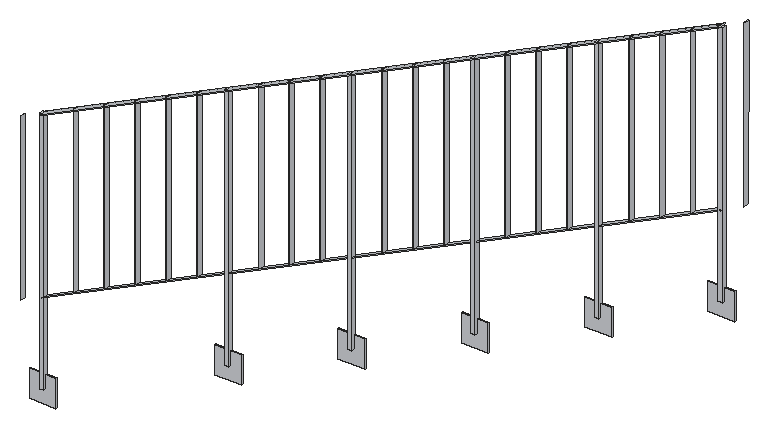
Revit family "AVLN_Ограждение типовое", category Специальное оборудование, Revit 2019
Family settings
  Размер круглого соединителя = Использовать диаметр
  Тип детали = Нормальный
  На основе рабочей плоскости = Нет
  Всегда вертикально = Да
  При загрузке вырезать с полостями = Нет
  Общий = Нет
  Точка расчета площади = Нет
Parameters (values of type "тип 1")
  число стоек = if(Число стоек расчет < 2, 2, Число стоек расчет + 1)  # 4
  справа до стойки = 600 mm
  перепад высоты 1 = tan(Угол_реальный) * Шаг разделительных стоек  # 69.946 mm
  перепад высоты = tan(Угол_реальный) * Длина  # 1538.815 mm
  перепад высота 2 = tan(Угол_реальный) * Смещение крайних стоек  # 51.294 mm
  от 3 до4 стержня = 200 mm
  Ширина проступи = 300 mm
  Шаг разделительных стоек 4 = слева до стойки + Расстояние между стойками * 3 + Шаг разделительных стоек  # 2850 mm
  Шаг разделительных стоек 3 = слева до стойки + Расстояние между стойками * 2 + Шаг разделительных стоек  # 2250 mm
  Шаг разделительных стоек 2 = слева до стойки + Расстояние между стойками + Шаг разделительных стоек  # 1650 mm
  Шаг разделительных стоек 1 = слева до стойки + Шаг разделительных стоек  # 1050 mm
  Шаг разделительных стоек = 150 mm
  Число стоек расчет = (Длина - (слева до стойки + справа до стойки)) / Расстояние между стойками  # 3
  Число разделительных стоек 3 = справа до стойки / Шаг разделительных стоек - 1  # 3
  Число разделительных стоек 2 = Расстояние между стойками / Шаг разделительных стоек - 1  # 3
  Число разделительных стоек 1 = слева до стойки / Шаг разделительных стоек - 1  # 5
  Уклон по углу = yes
  Угол_реальный = if(Уклон по углу, Угол, atan(Высота подступенка / Ширина проступи))  # 25.00°
  Угол = 25.00°
  Стойка последняя = yes
  Стойка первая = yes
  Стойка = направляющие : Прокат_квадрат_20х20
  Стержень_3 = направляющие : Прокат_квадрат_20х20
  Стержень_2 = направляющие : Прокат_квадрат_20х20
  Стержень_1 = направляющие : Прокат_квадрат_20х20
  Стержень 4 = направляющие : Прокат_полоса 25х4
  Смещение стоек по высоте справа = tan(Угол_реальный) * справа до стойки  # 279.785 mm
  Смещение стоек по высоте слева = tan(Угол_реальный) * слева до стойки  # 419.677 mm
  Смещение разделительных стоек 4 = tan(Угол_реальный) * Шаг разделительных стоек 4  # 1328.977 mm
  Смещение разделительных стоек 3 = tan(Угол_реальный) * Шаг разделительных стоек 3  # 1049.192 mm
  Смещение разделительных стоек 2 = tan(Угол_реальный) * Шаг разделительных стоек 2  # 769.408 mm
  Смещение разделительных стоек 1 = tan(Угол_реальный) * Шаг разделительных стоек 1  # 489.623 mm
  Смещение поручня по высоте = tan(Угол_реальный) * Вылет верхнего поручня  # 0 mm
  Смещение крайних стоек = 110 mm
  Расчет [instance] = ""
  Расстояние между стойками = 600 mm
  от поручня до стержня 1 = 200 mm
  от 2 до 3 стержня = 200 mm
  от 1 до 2 стержня = 200 mm
  слева до стойки = 900 mm
  высота поручня от ур.ч.п. = 1000 mm
  смещение вниз от ур.ч.п = 200 mm
  Стоимость = 0
  Расстояние до стены = 0 mm
  Разделительная стойка = направляющие : Прокат_полоса 25х4
  Позиция для ограждения = 0
  Перепад высоты верхнего поручня = tan(Угол_реальный) * (Длина + Вылет верхнего поручня * 2)  # 1538.815 mm
  Мега_массив = число стоек - 1  # 3
  Марка ограждения = ""
  Крепление к стене = Крепление к стене : 130 х 130 х 6_вертикальная
  Комментарии к типоразмеру = "тип 1"
  Keynote = ""
  Manufacturer = ""
  Длина_проверочная = (слева до стойки + справа до стойки) + ((число стоек - 1) * Расстояние между стойками)  # 3300 mm
  Длина гипотенузы верхнего поручня = sqrt(Перепад высоты верхнего поручня ^ 2 + (Длина + Вылет верхнего поручня * 2) ^ 2)  # 3641.147 mm
  Длина гипотенузы = sqrt(перепад высоты ^ 2 + Длина ^ 2)  # 3641.147 mm
  Длина = слева до стойки + справа до стойки + (Расстояние между стойками * 3)  # 3300 mm
  Высота разделительных стоек = от поручня до стержня 1 + от 1 до 2 стержня + от 2 до 3 стержня + от 3 до4 стержня  # 800 mm
  Высота стоек = высота поручня от ур.ч.п. + смещение вниз от ур.ч.п  # 1200 mm
  Высота подступенка = 150 mm
  Высота ограждения [instance] = 1200 mm
  Вылет верхнего поручня = 0 mm
  Видимость_стержень_4 = yes
  Видимость_стержень_3 = no
  Видимость_стержень_2 = no
  Видимость_стержень_1 = no
  Верхний поручень = направляющие : Прокат_полоса_40х4
  URL = ""
  ADSK_Номер секции [instance] = ""
Reference planes
  plane 1 "По центру (Вперед/Назад)": y = 0
  plane 2: z = 0
  plane 3 "Слева": x = 0
  plane 4 "справа до стойки": x = 2700
  plane 5: z = 800
  plane 6: y = 10
  plane 7 "Слева до стойки": x = 900
  plane 8 "справа": x = 3300
  plane 9: z = -200
  plane 10: z = 1000
  plane 11 "2 стерженьь": z = 600
  plane 12 "3 стерженьь": z = 400
  plane 13: z = 1338.815
  plane 14 "1 стержень": z = 2338.815
  plane 15 "поручень": z = 2538.815
  plane 16 "2 стержень": z = 2138.815
  plane 17 "3 стержень": z = 1938.815
  plane 18: z = 1538.815
  plane 19: x = 1800
  plane 20: z = 1059.031
  plane 21: z = 219.677
  plane 22: x = 150
  plane 23: x = 2850
  plane 24 "4стержень": z = 200
  plane 25 "4 стержень": z = 1738.815
  plane 26: y = -10
  plane 27: y = 0
  plane 28: x = 0
  plane 29: z = 1000
  plane 30: x = 3641.147
  plane 31: x = 1050
  plane 32: x = 1650
  plane 33: x = 2250
  plane 34 "Перекладина 1": z = 269.946
  plane 35 "Перекладина 2": z = 689.623
  plane 36 "Перекладина 3": z = 969.408
  plane 37 "Перекладина 4": z = 1249.192
  plane 38 "Перекладина 5": z = 1528.977
  plane 39 "Перекладина 6": z = 339.892
  plane 40 "Перекладина 7": z = 759.569
  plane 41 "Перекладина 8": z = 1039.354
  plane 42 "Перекладина 9": z = 1319.138
  plane 43 "Перекладина 10": z = 1598.923
Lines and regions (mm)
  Masking region 1
    outline origin (750, -2.5, 219.677) x (1, 0, 0) y (0, 1, 0)
      loop
        circle (150, 0) r 10
  Masking region 2, not visible
    outline origin (-50, 0, 0) x (1, 0, 0) y (0, 1, 0)
      loop
        circle (150, 0) r 10
  Masking region 3
    outline origin (2550, -2.5, 1059.031) x (1, 0, 0) y (0, 1, 0)
      loop
        circle (150, 0) r 10
  Masking region 4
    outline origin (1050, 0, -200) x (1, 0, 0) y (0, 1, 0)
      loop
        circle (150, 0) r 10
  Masking region 5
    outline origin (1350, -2.5, 499.461) x (1, 0, 0) y (0, 1, 0)
      loop
        circle (150, 0) r 10
  Masking region 6
    outline origin (1950, -2.5, 779.246) x (1, 0, 0) y (0, 1, 0)
      loop
        circle (150, 0) r 10
  reference lines
    curve 1: line (2700, 0, 1000) -> (0, 0, 1000)
    curve 2: line (0, 0, 1000) -> (3300, 0, 2538.815)
    curve 3: line (3300, 0, 2538.815) -> (3278.869, 0, 2584.131)
    curve 4: line (0, 0, 800) -> (2700, 0, 800)
    curve 5: line (0, 0, 600) -> (2700, 0, 600)
    curve 6: line (0, 0, 400) -> (2700, 0, 400)
    curve 7: line (0, 0, 800) -> (3300, 0, 2338.815)
    curve 8: line (0, 0, 600) -> (3300, 0, 2138.815)
    curve 9: line (3300, 0, 2338.815) -> (3278.869, 0, 2384.131)
    curve 10: line (3300, 0, 2138.815) -> (3278.869, 0, 2184.131)
    curve 11: line (0, 0, 400) -> (3300, 0, 1938.815)
    curve 12: line (3300, 0, 1938.815) -> (3278.869, 0, 1984.131)
    curve 13: line (0, 0, 200) -> (2700, 0, 200)
    curve 14: line (0, 0, 200) -> (3300, 0, 1738.815)
    curve 15: line (3300, 0, 1738.815) -> (3278.869, 0, 1784.131)
  symbolic lines, style "SpecialityEquipment"
    curve 16: line (0, 0, 2538.815) -> (3641.147, 0, 2538.815)
  symbolic lines
    curve 17: circle (900, -2.5, -1218.809) r 10 normal (0, 0, 1)
    curve 19: circle (2700, -2.5, -379.455) r 10 normal (0, 0, 1)
    curve 20: circle (1200, 0, -1638.486) r 10 normal (0, 0, 1)
    curve 21: circle (1500, -2.5, -939.024) r 10 normal (0, 0, 1)
    curve 22: circle (2100, -2.5, -659.24) r 10 normal (0, 0, 1)
  symbolic lines, not visible
    curve 18: circle (100, 0, -1438.486) r 10 normal (0, 0, 1)
Dimensions and locks
  plane 6 to plane 1 "По центру (Вперед/Назад)" = 10 mm
  "Длина": plane 8 "справа" to plane 3 "Слева"
  "слева до стойки": plane 7 "Слева до стойки" to plane 3 "Слева"
  plane 1 "По центру (Вперед/Назад)" to plane 6 = 10 mm
  "справа до стойки": plane 8 "справа" to plane 4 "справа до стойки"
  "высота поручня от ур.ч.п.": plane 10 to level
  "смещение вниз от ур.ч.п": plane 2 to plane 9
  "от поручня до стержня 1": plane 10 to plane 5
  "от 1 до 2 стержня": plane 5 to plane 11 "2 стерженьь"
  "от 2 до 3 стержня": plane 11 "2 стерженьь" to plane 12 "3 стерженьь"
  equal spacing: group 1, group 9, group 12, group 2  (x3)
  "Высота ограждения": plane 10 to plane 9
  "высота поручня от ур.ч.п.": plane 15 "поручень" to plane 18
  "от поручня до стержня 1": plane 15 "поручень" to plane 14 "1 стержень"
  "от 1 до 2 стержня": plane 14 "1 стержень" to plane 16 "2 стержень"
  "от 2 до 3 стержня": plane 16 "2 стержень" to plane 17 "3 стержень"
  "смещение вниз от ур.ч.п": plane 18 to plane 13
  equal spacing: plane 4 "справа до стойки", plane 19, plane 7 "Слева до стойки"
  "Длина гипотенузы верхнего поручня": curve 2 to curve 2
  "перепад высоты": plane 15 "поручень" to plane 10
  "Смещение стоек по высоте справа": plane 13 to plane 20
  "Смещение стоек по высоте слева": plane 21 to plane 9
  locked: curve 3 to curve 3 at 50
  locked: curve 9 to curve 9 at 50
  locked: curve 10 to curve 10 at 50
  locked: curve 12 to curve 12 at 50
  "Длина гипотенузы": curve 9 to curve 7
  "Длина гипотенузы": curve 10 to curve 8
  "Длина гипотенузы": curve 12 to curve 11
  equal spacing: group 3, group 10, group 13, group 4  (x3)
  locked: curve 15 to curve 15 at 50
  "от 3 до4 стержня": plane 17 "3 стержень" to plane 25 "4 стержень"
  "Длина гипотенузы": curve 15 to nested 9
  "от 3 до4 стержня": plane 12 "3 стерженьь" to plane 24 "4стержень"
  equal spacing: plane 26, plane 1 "По центру (Вперед/Назад)", plane 6
  locked: plane 26 to plane 6 at 20
  "Расстояние до стены": plane 27 to plane 1 "По центру (Вперед/Назад)"
  "Вылет верхнего поручня": plane 28 to plane 3 "Слева"
  "Смещение поручня по высоте": plane 10 to plane 29
  "Длина гипотенузы верхнего поручня": plane 28 to plane 30
  "Шаг разделительных стоек": plane 22 to plane 3 "Слева"
  equal spacing: group 15, group 16, group 25, group 30, group 31  (x3)
  "Шаг разделительных стоек": plane 31 to plane 7 "Слева до стойки"
  equal spacing: group 17, group 18, group 26  (x3)
  "Шаг разделительных стоек": plane 23 to plane 4 "справа до стойки"
  equal spacing: group 19, group 20, group 27  (x3)
  "Шаг разделительных стоек": nested 23 to plane 32
  equal spacing: group 21, group 22, group 28  (x3)
  equal spacing: group 23, group 24, group 29  (x3)
  "Шаг разделительных стоек": nested 25 to plane 33
  "Шаг разделительных стоек": nested 19 to plane 22
  "Шаг разделительных стоек": nested 21 to plane 31
  "Шаг разделительных стоек": plane 23 to nested 27
  "перепад высоты 1": plane 39 "Перекладина 6" to plane 34 "Перекладина 1"
  "перепад высоты 1": plane 40 "Перекладина 7" to plane 35 "Перекладина 2"
  "перепад высоты 1": plane 41 "Перекладина 8" to plane 36 "Перекладина 3"
  "перепад высоты 1": plane 42 "Перекладина 9" to plane 37 "Перекладина 4"
  "перепад высоты 1": plane 43 "Перекладина 10" to plane 38 "Перекладина 5"
  "перепад высоты 1": plane 34 "Перекладина 1" to plane 24 "4стержень"
  "Шаг разделительных стоек 1": plane 31 to plane 3 "Слева"
  "Шаг разделительных стоек 2": plane 32 to plane 3 "Слева"
  "Шаг разделительных стоек 3": plane 33 to plane 3 "Слева"
  "Шаг разделительных стоек 4": plane 23 to plane 3 "Слева"
  "Смещение разделительных стоек 1": plane 35 "Перекладина 2" to plane 24 "4стержень"
  "Смещение разделительных стоек 2": plane 36 "Перекладина 3" to plane 24 "4стержень"
  "Смещение разделительных стоек 3": plane 37 "Перекладина 4" to plane 24 "4стержень"
  "Смещение разделительных стоек 4": plane 38 "Перекладина 5" to plane 24 "4стержень"
  "Смещение крайних стоек": plane 3 "Слева" to nested 35
  "Смещение крайних стоек": nested 36 to plane 8 "справа"
  "перепад высота 2": nested 36 to plane 25 "4 стержень"
  "перепад высота 2": plane 10 to nested 35
  "Угол_реальный": angle curve 1 to curve 2
  locked: curve 3 to curve 2 (angle 90.00°)
  locked: curve 9 to curve 7 (angle 90.00°)
  locked: curve 10 to curve 8 (angle 90.00°)
  locked: curve 12 to curve 11 (angle 90.00°)
  "Угол_реальный": angle curve 4 to curve 7
  "Угол_реальный": angle curve 5 to curve 8
  "Угол_реальный": angle curve 6 to curve 11
  locked: curve 15 to curve 14 (angle 90.00°)
  "Угол_реальный": angle curve 13 to curve 14
  aligned and locked: level to plane 2
  aligned and locked: plane 7 "Слева до стойки" to nested 2
  aligned and locked: plane 4 "справа до стойки" to nested 4
  aligned and locked: nested 1 to curve 2
  aligned and locked: nested 1 to curve 3
  aligned and locked: curve 4 to plane 5
  aligned and locked: curve 5 to plane 11 "2 стерженьь"
  aligned and locked: nested 5 to curve 7
  aligned and locked: nested 6 to curve 8
  aligned and locked: nested 7 to curve 11
  aligned and locked: nested 7 to curve 12
  aligned and locked: nested 6 to curve 10
  aligned and locked: nested 5 to curve 9
  aligned and locked: plane 1 "По центру (Вперед/Назад)" to nested 1
  aligned and locked: plane 4 "справа до стойки" to nested 8
  aligned and locked: plane 20 to nested 8
  aligned and locked: nested 3 to plane 1 "По центру (Вперед/Назад)"
  aligned and locked: nested 8 to plane 1 "По центру (Вперед/Назад)"
  aligned and locked: curve 13 to plane 24 "4стержень"
  aligned and locked: nested 9 to curve 14  (x2)
  aligned and locked: nested 9 to curve 15
  aligned and locked: plane 1 "По центру (Вперед/Назад)" to curve 16
  aligned and locked: plane 7 "Слева до стойки" to curve 17
  aligned and locked: plane 8 "справа" to curve 15
  aligned and locked: curve 6 to plane 12 "3 стерженьь"
  aligned and locked: nested 3 to plane 21
  aligned and locked: nested 2 to plane 21
  aligned and locked: plane 20 to nested 4
  aligned and locked: plane 7 "Слева до стойки" to nested 3
  aligned and locked: plane 27 to nested 2
  aligned and locked: nested 4 to plane 27
  aligned and locked: curve 1 to plane 29
  aligned and locked: plane 28 to curve 1
  aligned and locked: plane 28 to curve 16
  aligned and locked: plane 30 to curve 16
  aligned and locked: plane 8 "справа" to nested 11
  aligned and locked: plane 8 "справа" to nested 10
  aligned and locked: plane 10 to nested 13
  aligned and locked: plane 9 to nested 13
  aligned and locked: nested 12 to plane 9
  aligned and locked: plane 3 "Слева" to nested 13
  aligned and locked: plane 3 "Слева" to nested 12
  aligned and locked: nested 10 to nested 11
  aligned and locked: nested 11 to plane 13
  aligned and locked: plane 13 to nested 10
  aligned and locked: plane 22 to nested 18
  aligned and locked: plane 31 to nested 20
  aligned and locked: plane 32 to nested 22
  aligned and locked: plane 33 to nested 24
  aligned and locked: plane 23 to nested 26  (x2)
  aligned and locked: plane 34 "Перекладина 1" to nested 18
  aligned and locked: plane 35 "Перекладина 2" to nested 20
  aligned and locked: plane 36 "Перекладина 3" to nested 22
  aligned and locked: plane 37 "Перекладина 4" to nested 24
  aligned and locked: plane 38 "Перекладина 5" to nested 26
  aligned and locked: plane 43 "Перекладина 10" to nested 27
  aligned and locked: plane 42 "Перекладина 9" to nested 25
  aligned and locked: plane 41 "Перекладина 8" to nested 23
  aligned and locked: plane 39 "Перекладина 6" to nested 19
  aligned and locked: plane 40 "Перекладина 7" to nested 21
Automatic sketch dimensions
  curve 5 to plane 3 "Слева" = 0 mm
  curve 14 to plane 3 "Слева" = 0 mm
  curve 4 to plane 3 "Слева" = 0 mm
  curve 11 to plane 3 "Слева" = 0 mm
  radius of Masking region 1 sketch curve = 10 mm
  radius of Masking region 2 sketch curve = 10 mm
  radius of Masking region 3 sketch curve = 10 mm
  radius of Masking region 4 sketch curve = 10 mm
  radius of Masking region 5 sketch curve = 10 mm
  radius of Masking region 6 sketch curve = 10 mm
Nested families
  nested 1: "направляющие" at (3300, -20, 2538.815) x (-0.9063, 0, -0.4226) z (0, -1, 0), type <- "Верхний поручень", Длина <- "Длина гипотенузы верхнего поручня", Марка ограждения <- "Марка ограждения", ADSK_Номер секции <- "ADSK_Номер секции", Расчет <- "Расчет", type "Прокат_полоса_40х4", detail levels fine
    with Расчет "", Марка ограждения "", Длина 3641.147 mm, ADSK_Номер секции "", Ширина 4 mm, Труба_квадрат yes, Прокат_квадрат no, Высота/Диаметр 40 mm
  nested 2: "Крепление к стене" at (900, 6, 154.677), type <- "Крепление к стене", ADSK_Номер секции <- "ADSK_Номер секции", Марка ограждения <- "Марка ограждения", Расчет <- "Расчет", type "130 х 130 х 6_вертикальная"
    with Расчет "", Марка ограждения "", ADSK_Номер секции "", Толщина 6 mm
  nested 3: "направляющие" at (900, -10, 219.677) x (0, 0, 1) z (0, -1, 0), Длина <- "Высота стоек", type <- "Стойка", ADSK_Номер секции <- "ADSK_Номер секции", Марка ограждения <- "Марка ограждения", Расчет <- "Расчет", type "Прокат_квадрат_20х20"
    with Расчет "", Марка ограждения "", Длина 1200 mm, ADSK_Номер секции ""
  nested 4: "Крепление к стене" at (2700, 6, 994.031), type <- "Крепление к стене", ADSK_Номер секции <- "ADSK_Номер секции", Марка ограждения <- "Марка ограждения", Расчет <- "Расчет", type "130 х 130 х 6_вертикальная"
    with Расчет "", Марка ограждения "", ADSK_Номер секции "", Толщина 6 mm
  nested 5: "направляющие" at (3300, -7.5, 2338.815) x (-0.9063, 0, -0.4226) z (0, -1, 0), type <- "Стержень_1", Длина <- "Длина гипотенузы", visible <- "Видимость_стержень_1", Марка ограждения <- "Марка ограждения", ADSK_Номер секции <- "ADSK_Номер секции", Расчет <- "Расчет", type "Прокат_квадрат_20х20"
    with Расчет "", Марка ограждения "", Длина 3641.147 mm, ADSK_Номер секции ""
  nested 6: "направляющие" at (3300, -7.5, 2138.815) x (-0.9063, 0, -0.4226) z (0, -1, 0), type <- "Стержень_2", Длина <- "Длина гипотенузы", visible <- "Видимость_стержень_2", Марка ограждения <- "Марка ограждения", ADSK_Номер секции <- "ADSK_Номер секции", Расчет <- "Расчет", type "Прокат_квадрат_20х20"
    with Расчет "", Марка ограждения "", Длина 3641.147 mm, ADSK_Номер секции ""
  nested 7: "направляющие" at (3300, -7.5, 1938.815) x (-0.9063, 0, -0.4226) z (0, -1, 0), type <- "Стержень_3", Длина <- "Длина гипотенузы", visible <- "Видимость_стержень_3", Марка ограждения <- "Марка ограждения", ADSK_Номер секции <- "ADSK_Номер секции", Расчет <- "Расчет", type "Прокат_квадрат_20х20"
    with Расчет "", Марка ограждения "", Длина 3641.147 mm, ADSK_Номер секции ""
  nested 8: "направляющие" at (2700, -10, 1059.031) x (0, 0, 1) z (0, -1, 0), Длина <- "Высота стоек", type <- "Стойка", ADSK_Номер секции <- "ADSK_Номер секции", Марка ограждения <- "Марка ограждения", Расчет <- "Расчет", type "Прокат_квадрат_20х20"
    with Расчет "", Марка ограждения "", Длина 1200 mm, ADSK_Номер секции ""
  nested 9: "направляющие" at (3300, -7.5, 1738.815) x (-0.9063, 0, -0.4226) z (0, -1, 0), type <- "Стержень 4", Длина <- "Длина гипотенузы", visible <- "Видимость_стержень_4", Марка ограждения <- "Марка ограждения", ADSK_Номер секции <- "ADSK_Номер секции", Расчет <- "Расчет", type "Прокат_полоса 25х4"
    with Расчет "", Марка ограждения "", Длина 3641.147 mm, ADSK_Номер секции "", Ширина 4 mm, Высота/Диаметр 25 mm
  nested 10: "Крепление к стене" at (3300, 6, 1273.815), type <- "Крепление к стене", ADSK_Номер секции <- "ADSK_Номер секции", Марка ограждения <- "Марка ограждения", Расчет <- "Расчет", visible <- "Стойка первая", type "130 х 130 х 6_вертикальная"
    with Расчет "", Марка ограждения "", ADSK_Номер секции "", Толщина 6 mm
  nested 11: "направляющие" at (3300, -7.5, 1338.815) x (0, 0, 1) z (0, -1, 0), Длина <- "Высота стоек", type <- "Стойка", ADSK_Номер секции <- "ADSK_Номер секции", Марка ограждения <- "Марка ограждения", Расчет <- "Расчет", visible <- "Стойка первая", type "Прокат_квадрат_20х20"
    with Расчет "", Марка ограждения "", Длина 1200 mm, ADSK_Номер секции ""
  nested 12: "Крепление к стене" at (0, 6, -265), type <- "Крепление к стене", ADSK_Номер секции <- "ADSK_Номер секции", Марка ограждения <- "Марка ограждения", Расчет <- "Расчет", visible <- "Стойка последняя", type "130 х 130 х 6_вертикальная"
    with Расчет "", Марка ограждения "", ADSK_Номер секции "", Толщина 6 mm
  nested 13: "направляющие" at (0, -7.5, -200) x (0, 0, 1) z (0, -1, 0), Длина <- "Высота стоек", type <- "Стойка", ADSK_Номер секции <- "ADSK_Номер секции", Марка ограждения <- "Марка ограждения", Расчет <- "Расчет", visible <- "Стойка последняя", type "Прокат_квадрат_20х20"
    with Расчет "", Марка ограждения "", Длина 1200 mm, ADSK_Номер секции ""
  nested 14: "Крепление к стене" at (1500, 6, 434.461), type <- "Крепление к стене", ADSK_Номер секции <- "ADSK_Номер секции", Марка ограждения <- "Марка ограждения", Расчет <- "Расчет", type "130 х 130 х 6_вертикальная"
    with Расчет "", Марка ограждения "", ADSK_Номер секции "", Толщина 6 mm
  nested 15: "направляющие" at (1500, -10, 499.461) x (0, 0, 1) z (0, -1, 0), Длина <- "Высота стоек", type <- "Стойка", ADSK_Номер секции <- "ADSK_Номер секции", Марка ограждения <- "Марка ограждения", Расчет <- "Расчет", type "Прокат_квадрат_20х20"
    with Расчет "", Марка ограждения "", Длина 1200 mm, ADSK_Номер секции ""
  nested 16: "Крепление к стене" at (2100, 6, 714.246), type <- "Крепление к стене", ADSK_Номер секции <- "ADSK_Номер секции", Марка ограждения <- "Марка ограждения", Расчет <- "Расчет", type "130 х 130 х 6_вертикальная"
    with Расчет "", Марка ограждения "", ADSK_Номер секции "", Толщина 6 mm
  nested 17: "направляющие" at (2100, -10, 779.246) x (0, 0, 1) z (0, -1, 0), Длина <- "Высота стоек", type <- "Стойка", ADSK_Номер секции <- "ADSK_Номер секции", Марка ограждения <- "Марка ограждения", Расчет <- "Расчет", type "Прокат_квадрат_20х20"
    with Расчет "", Марка ограждения "", Длина 1200 mm, ADSK_Номер секции ""
  nested 18: "направляющие" at (150, 0, 269.946) x (0, 0, 1) z (0, -1, 0), Длина <- "Высота разделительных стоек", type <- "Разделительная стойка", type "Прокат_полоса 25х4"
    with Расчет "", Марка ограждения "", Длина 800 mm, ADSK_Номер секции "", Ширина 4 mm, Высота/Диаметр 25 mm
  nested 19: "направляющие" at (300, 0, 339.892) x (0, 0, 1) z (0, -1, 0), Длина <- "Высота разделительных стоек", type <- "Разделительная стойка", type "Прокат_полоса 25х4"
    with Расчет "", Марка ограждения "", Длина 800 mm, ADSK_Номер секции "", Ширина 4 mm, Высота/Диаметр 25 mm
  nested 20: "направляющие" at (1050, 0, 689.623) x (0, 0, 1) z (0, -1, 0), Длина <- "Высота разделительных стоек", type <- "Разделительная стойка", type "Прокат_полоса 25х4"
    with Расчет "", Марка ограждения "", Длина 800 mm, ADSK_Номер секции "", Ширина 4 mm, Высота/Диаметр 25 mm
  nested 21: "направляющие" at (1200, 0, 759.569) x (0, 0, 1) z (0, -1, 0), Длина <- "Высота разделительных стоек", type <- "Разделительная стойка", type "Прокат_полоса 25х4"
    with Расчет "", Марка ограждения "", Длина 800 mm, ADSK_Номер секции "", Ширина 4 mm, Высота/Диаметр 25 mm
  nested 22: "направляющие" at (1650, 0, 969.408) x (0, 0, 1) z (0, -1, 0), Длина <- "Высота разделительных стоек", type <- "Разделительная стойка", type "Прокат_полоса 25х4"
    with Расчет "", Марка ограждения "", Длина 800 mm, ADSK_Номер секции "", Ширина 4 mm, Высота/Диаметр 25 mm
  nested 23: "направляющие" at (1800, 0, 1039.354) x (0, 0, 1) z (0, -1, 0), Длина <- "Высота разделительных стоек", type <- "Разделительная стойка", type "Прокат_полоса 25х4"
    with Расчет "", Марка ограждения "", Длина 800 mm, ADSK_Номер секции "", Ширина 4 mm, Высота/Диаметр 25 mm
  nested 24: "направляющие" at (2250, 0, 1249.192) x (0, 0, 1) z (0, -1, 0), Длина <- "Высота разделительных стоек", type <- "Разделительная стойка", type "Прокат_полоса 25х4"
    with Расчет "", Марка ограждения "", Длина 800 mm, ADSK_Номер секции "", Ширина 4 mm, Высота/Диаметр 25 mm
  nested 25: "направляющие" at (2400, 0, 1319.138) x (0, 0, 1) z (0, -1, 0), Длина <- "Высота разделительных стоек", type <- "Разделительная стойка", type "Прокат_полоса 25х4"
    with Расчет "", Марка ограждения "", Длина 800 mm, ADSK_Номер секции "", Ширина 4 mm, Высота/Диаметр 25 mm
  nested 26: "направляющие" at (2850, 0, 1528.977) x (0, 0, 1) z (0, -1, 0), Длина <- "Высота разделительных стоек", type <- "Разделительная стойка", type "Прокат_полоса 25х4"
    with Расчет "", Марка ограждения "", Длина 800 mm, ADSK_Номер секции "", Ширина 4 mm, Высота/Диаметр 25 mm
  nested 27: "направляющие" at (3000, 0, 1598.923) x (0, 0, 1) z (0, -1, 0), Длина <- "Высота разделительных стоек", type <- "Разделительная стойка", type "Прокат_полоса 25х4"
    with Расчет "", Марка ограждения "", Длина 800 mm, ADSK_Номер секции "", Ширина 4 mm, Высота/Диаметр 25 mm
  nested 28: "направляющие" at (450, 0, 409.838) x (0, 0, 1) z (0, -1, 0), Длина <- "Высота разделительных стоек", type <- "Разделительная стойка", type "Прокат_полоса 25х4"
    with Расчет "", Марка ограждения "", Длина 800 mm, ADSK_Номер секции "", Ширина 4 mm, Высота/Диаметр 25 mm
  nested 29: "направляющие" at (1350, 0, 829.515) x (0, 0, 1) z (0, -1, 0), Длина <- "Высота разделительных стоек", type <- "Разделительная стойка", type "Прокат_полоса 25х4"
    with Расчет "", Марка ограждения "", Длина 800 mm, ADSK_Номер секции "", Ширина 4 mm, Высота/Диаметр 25 mm
  nested 30: "направляющие" at (1950, 0, 1109.3) x (0, 0, 1) z (0, -1, 0), Длина <- "Высота разделительных стоек", type <- "Разделительная стойка", type "Прокат_полоса 25х4"
    with Расчет "", Марка ограждения "", Длина 800 mm, ADSK_Номер секции "", Ширина 4 mm, Высота/Диаметр 25 mm
  nested 31: "направляющие" at (2550, 0, 1389.085) x (0, 0, 1) z (0, -1, 0), Длина <- "Высота разделительных стоек", type <- "Разделительная стойка", type "Прокат_полоса 25х4"
    with Расчет "", Марка ограждения "", Длина 800 mm, ADSK_Номер секции "", Ширина 4 mm, Высота/Диаметр 25 mm
  nested 32: "направляющие" at (3150, 0, 1668.869) x (0, 0, 1) z (0, -1, 0), Длина <- "Высота разделительных стоек", type <- "Разделительная стойка", type "Прокат_полоса 25х4"
    with Расчет "", Марка ограждения "", Длина 800 mm, ADSK_Номер секции "", Ширина 4 mm, Высота/Диаметр 25 mm
  nested 33: "направляющие" at (600, 0, 479.785) x (0, 0, 1) z (0, -1, 0), Длина <- "Высота разделительных стоек", type <- "Разделительная стойка", type "Прокат_полоса 25х4"
    with Расчет "", Марка ограждения "", Длина 800 mm, ADSK_Номер секции "", Ширина 4 mm, Высота/Диаметр 25 mm
  nested 34: "направляющие" at (750, 0, 549.731) x (0, 0, 1) z (0, -1, 0), Длина <- "Высота разделительных стоек", type <- "Разделительная стойка", type "Прокат_полоса 25х4"
    with Расчет "", Марка ограждения "", Длина 800 mm, ADSK_Номер секции "", Ширина 4 mm, Высота/Диаметр 25 mm
  nested 35: "направляющие" at (-108, 0, 148.706) x (0, 0, 1) z (0, -1, 0), Длина <- "Высота разделительных стоек", type <- "Разделительная стойка", type "Прокат_полоса 25х4"
    with Расчет "", Марка ограждения "", Длина 800 mm, ADSK_Номер секции "", Ширина 4 mm, Высота/Диаметр 25 mm
  nested 36: "направляющие" at (3408, 0, 1790.109) x (0, 0, 1) z (0, -1, 0), Длина <- "Высота разделительных стоек", type <- "Разделительная стойка", type "Прокат_полоса 25х4"
    with Расчет "", Марка ограждения "", Длина 800 mm, ADSK_Номер секции "", Ширина 4 mm, Высота/Диаметр 25 mm
Definition of nested family "направляющие"
  Parameters (values of type "Прокат_полоса 25х4")
    Ширина = 25 mm
    Число = 0 mm
    Труба_круг = no
    Труба_квадрат = no
    Толщина стенки трубы = 1 mm
    Расчет [instance] = ""
    Прокат_круг = no
    Прокат_квадрат = yes
    Позиция для ограждения = 0
    Default Elevation = 1219.2 mm
    Масса = 0.00 kg
    Марка ограждения [instance] = ""
    Высота/Диаметр = 4 mm
    Description = "ОГ"
    Длина [instance] = 1150 mm
    ADSK_Номер секции [instance] = ""
  Types (5, lengths in mm): name | Ширина | Труба_круг | Труба_квадрат | Толщина стенки трубы | Прокат_круг | Прокат_квадрат | Высота/Диаметр
    Труба_квадрат_40х100 | 40 | no | yes | 2.5 | no | no | 100
    Труба_круг_50х2.5 | 15 | yes | no | 1 | no | no | 50
    Прокат_круг_20х2,5 | 15 | no | no | 2.5 | yes | no | 20
    Прокат_квадрат_20х20 | 20 | no | no | 2.5 | no | yes | 20
    Прокат_полоса 25х4 | 25 | no | no | 1 | no | yes | 4
  Reference planes
    plane 1 "По центру (Вперед/Назад)": y = 0
    plane 2: z = 0
    plane 3 "По центру (Влево/Вправо)": x = 0
    plane 4: x = 1150
    plane 5: z = -4
    plane 6: z = -2
    plane 7: y = -12.5
    plane 8: y = 12.5
    plane 9: x = 575
  Forms (mm)
    Sweep 1, solid, visible <- "Труба_круг"
      path in 3D
        loop
          line (0, 0, 0) -> (1150, 0, 0)
      profile "круглый профиль_полый : Круглый профиль_полый" origin (575, 0, 0) x (0, 1, 0) y (0, 0, 1)
        loop
          circle (0, -2) r 1
        loop
          circle (0, -2) r 2
    Sweep 2, solid, visible <- "Труба_квадрат"
      path in 3D
        loop
          line (0, 0, 0) -> (1150, 0, 0)
      profile "квадратный профиль_полый : Круглый профиль_полый" origin (575, 0, 0) x (0, 1, 0) y (0, 0, 1)
        loop
          line (-11.5, -1) -> (-11.5, -3) -> (11.5, -3) -> (11.5, -1) -> (-11.5, -1)
        loop
          line (-12.5, 0) -> (-12.5, -4) -> (12.5, -4) -> (12.5, 0) -> (-12.5, 0)
    Sweep 3, solid, visible <- "Прокат_квадрат"
      path in 3D
        loop
          line (0, 0, 0) -> (1150, 0, 0)
      profile "квадратный профиль : Круглый профиль_полый" origin (575, 0, 0) x (0, 1, 0) y (0, 0, 1)
        loop
          line (-12.5, 0) -> (-12.5, -4) -> (12.5, -4) -> (12.5, 0) -> (-12.5, 0)
    Sweep 4, solid, visible <- "Прокат_круг"
      path in 3D
        loop
          line (0, 0, 0) -> (1150, 0, 0)
      profile "круглый профиль : Круглый профиль_полый" origin (575, 0, 0) x (0, 1, 0) y (0, 0, 1)
        loop
          circle (0, -2) r 2
  Lines and regions (mm)
    reference lines
      curve 1: line (0, 0, 0) -> (0, 0, -4)
      curve 2: line (0, -7.5, 0) -> (0, 7.5, 0)
      curve 3: line (0, 0, 0) -> (1150, 0, 0)
      curve 4: line (0, -12.5, -2) -> (0, 12.5, -2)
      curve 5: line (0, 0, -2) -> (1150, 0, -2)
      curve 6: line (0, -12.5, 0) -> (0, 12.5, 0)
      curve 7: line (0, -12.5, -4) -> (0, -12.5, 0)
      curve 8: line (0, 12.5, -4) -> (0, -12.5, -4)
      curve 9: line (0, 12.5, 0) -> (0, 12.5, -4)
      curve 10: line (0, 0, -4) -> (1150, 0, -4)
    sketch lines
      curve 11: line (0, 0, 0) -> (1150, 0, 0)
      curve 12: line (0, 0, 0) -> (1150, 0, 0)
      curve 13: line (0, 0, 0) -> (1150, 0, 0)
      curve 14: line (0, 0, 0) -> (1150, 0, 0)
  Dimensions and locks
    "Длина": plane 4 to plane 3 "По центру (Влево/Вправо)"
    "Ширина": plane 7 to plane 8
    "Высота/Диаметр": plane 2 to plane 5
    equal spacing: plane 2, plane 6, plane 5
    equal spacing: plane 7, plane 1 "По центру (Вперед/Назад)", plane 8
    equal spacing: plane 3 "По центру (Влево/Вправо)", plane 9, plane 4
    aligned and locked: level to plane 2
    aligned and locked: plane 1 "По центру (Вперед/Назад)" to curve 1
    aligned and locked: curve 2 to plane 2
    aligned and locked: plane 3 "По центру (Влево/Вправо)" to curve 3
    aligned and locked: plane 4 to curve 3
    aligned and locked: plane 1 "По центру (Вперед/Назад)" to curve 3
    aligned and locked: curve 4 to plane 6
    aligned and locked: plane 8 to curve 4
    aligned and locked: plane 7 to curve 4
    aligned and locked: plane 5 to curve 1
    aligned and locked: plane 2 to curve 1
    aligned and locked: plane 2 to curve 3  (x2)
    aligned and locked: plane 3 "По центру (Влево/Вправо)" to curve 5
    aligned and locked: plane 4 to curve 5
    aligned and locked: curve 5 to plane 6
    aligned and locked: plane 7 to curve 7
    aligned and locked: plane 5 to curve 8
    aligned and locked: curve 9 to plane 8
    aligned and locked: curve 6 to plane 2
    aligned and locked: curve 1 to curve 10
    aligned and locked: Sweep 1 to curve 10
    aligned and locked: curve 10 to plane 5
    aligned and locked: plane 1 "По центру (Вперед/Назад)" to curve 5  (x3)
    aligned and locked: plane 6 to curve 5  (x2)
    aligned and locked: plane 3 "По центру (Влево/Вправо)" to Sweep 2
    aligned and locked: Sweep 2 to plane 4
    aligned and locked: plane 3 "По центру (Влево/Вправо)" to curve 6
    aligned and locked: plane 4 to Sweep 2  (x2)
    aligned and locked: plane 3 "По центру (Влево/Вправо)" to Sweep 1
    aligned and locked: Sweep 1 to plane 4
    aligned and locked: Sweep 4 to plane 4
    aligned and locked: plane 3 "По центру (Влево/Вправо)" to Sweep 4
    aligned and locked: plane 3 "По центру (Влево/Вправо)" to Sweep 3
    aligned and locked: Sweep 3 to plane 4
  Automatic sketch dimensions
    plane 7 to curve 2 = 5 mm
    curve 2 to plane 8 = 5 mm
    plane 4 to curve 10 = 0 mm
Definition of nested family "Крепление к стене"
  Parameters (values of type "130 х 130 х 6_вертикальная")
    Ширина = 130 mm
    Число = 0 mm
    Толщина = 20 mm
    Расчет [instance] = ""
    Позиция для ограждения = 0
    Description = "ОГ"
    Масса = 15.00 kg
    Марка ограждения [instance] = ""
    Длина = 130 mm
    Горизонтальная = no
    Вертикальная = not(Горизонтальная)  # yes
    ADSK_Номер секции [instance] = ""
  Types (2, lengths in mm): name | Толщина
    60х200 х 6_Горизонтальная | 85
    130 х 130 х 6_вертикальная | 20
  Reference planes
    plane 1 "По центру (Вперед/Назад)": y = 0
    plane 2: z = 0
    plane 3 "По центру (Влево/Вправо)": x = 0
    plane 4: z = 85
    plane 5: z = 130
    plane 6: y = -20
    plane 7: x = -65
    plane 8: x = 65
    plane 9: z = 65
  Forms (mm)
    Extrusion 1, solid, visible <- "Горизонтальная"
      sketch origin (0, 0, 0) x (1, 0, 0) y (0, 1, 0)
        loop
          line (-65, 65) -> (-65, -65) -> (65, -65) -> (65, 65) -> (-65, 65)
      from 65 to 85
    Extrusion 2, solid, visible <- "Вертикальная"
      sketch origin (0, 0, 0) x (1, 0, 0) y (0, 0, 1)
        loop
          line (-65, 130) -> (-65, 0) -> (65, 0) -> (65, 130) -> (-65, 130)
      from 0 to 20
  Dimensions and locks
    plane 9 to plane 4 = 20 mm
    equal spacing: Extrusion 1 sketch curve, plane 1 "По центру (Вперед/Назад)", Extrusion 1 sketch curve
    equal spacing: Extrusion 1 sketch curve, plane 3 "По центру (Влево/Вправо)", Extrusion 1 sketch curve
    plane 1 "По центру (Вперед/Назад)" to Extrusion 1 sketch curve = 65 mm
    plane 3 "По центру (Влево/Вправо)" to Extrusion 1 sketch curve = 65 mm
    "Ширина": Extrusion 1 to Extrusion 1
    "Длина": Extrusion 1 to Extrusion 1
    "Толщина": plane 6 to plane 1 "По центру (Вперед/Назад)"
    "Ширина": plane 8 to plane 7
    equal spacing: plane 8, plane 3 "По центру (Влево/Вправо)", plane 7
    "Длина": plane 5 to plane 2
    equal spacing: plane 5, plane 9, plane 2
    "Толщина": plane 4 to plane 9
    aligned and locked: level to plane 2
    aligned and locked: Extrusion 2 to plane 2
    aligned and locked: plane 5 to Extrusion 2  (x2)
    aligned and locked: Extrusion 2 to plane 6
    aligned and locked: Extrusion 2 to plane 1 "По центру (Вперед/Назад)"
    aligned and locked: Extrusion 2 to plane 7
    aligned and locked: plane 8 to Extrusion 2
    aligned and locked: Extrusion 1 to plane 9
    aligned and locked: plane 4 to Extrusion 1
    aligned and locked: plane 9 to Extrusion 1  (x2)
    aligned and locked: plane 8 to Extrusion 1  (x3)
    aligned and locked: Extrusion 1 to plane 7  (x2)
    aligned and locked: Extrusion 1 to plane 4
    aligned and locked: plane 7 to Extrusion 1
  Automatic sketch dimensions
    Extrusion 2 sketch curve to plane 4 = 85 mm
    Extrusion 2 sketch curve to plane 3 "По центру (Влево/Вправо)" = 65 mm
    plane 3 "По центру (Влево/Вправо)" to Extrusion 2 sketch curve = 65 mm
    Extrusion 2 sketch curve to Extrusion 2 sketch curve = 130 mm
